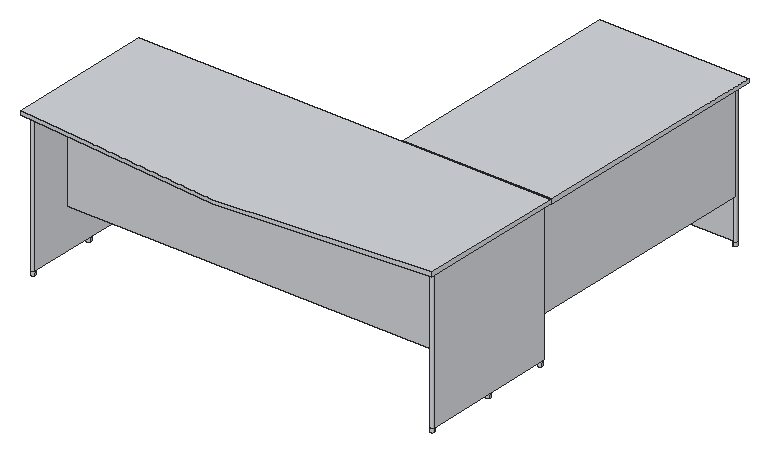
Revit family
Parameters (values of type "2000 x 2000")
  Model = ""
  Manufacturer = "Revit"
  Support Material = none
  Desk Material = none
  Description = "Desk"
  Assembly Code = "E2020200"
Reference planes
  plane 1 "Center (Front/Back)": y = 0
  plane 2: z = 0
  plane 3 "Center (Left/Right)": x = 0
  plane 4 "Top": z = 720
  plane 5: z = 700
  plane 6 "base": z = 20
  plane 7 "base1": z = 220
Forms (mm)
  Extrusion 1, solid, material <- "Desk Material"
    sketch origin (0, 0, 0) x (1, 0, 0) y (0, 1, 0)
      loop
        line (720, 1200) -> (0, 1200) -> (0, 5) -> (720, 5) -> (720, 1200)
      loop
        line (-1280, 0) -> (-1280, -720)
        arc (-1280, -720) -> (-280, -800) -> (720, -720) r 6290
        line (720, -720) -> (720, 0) -> (-1280, 0)
    from 700 to 720
  Extrusion 2, solid, material <- "Desk Material"
    sketch origin (0, 0, 20) x (0, -1, 0) y (1, 0, 0)
      loop
        line (15, -1260) -> (680, -1260)
        arc (680, -1260) -> (690, -1250) -> (680, -1240) r 10
        line (680, -1240) -> (15, -1240) -> (15, -1260)
      loop
        line (-1153.822, 21.11) -> (-1153.822, 686.11)
        arc (-1153.822, 686.11) -> (-1163.822, 696.11) -> (-1173.822, 686.11) r 10
        line (-1173.822, 686.11) -> (-1173.822, 21.11) -> (-1153.822, 21.11)
      loop
        line (15, 700) -> (15, 680) -> (680, 680)
        arc (680, 680) -> (690, 690) -> (680, 700) r 10
        line (680, 700) -> (15, 700)
    from 0 to 680
  Extrusion 3, solid, material <- "Desk Material"
    sketch origin (0, 0, 220) x (1, 0, 0) y (0, 1, 0)
      loop
        line (680, -15) -> (700, -15) -> (700, 1145) -> (680, 1145) -> (680, -15)
      loop
        line (-1240, -470) -> (-1240, -490) -> (680, -490) -> (680, -470) -> (-1240, -470)
    from 0 to 480
  Extrusion 4, solid, material <- "Support Material"
    sketch origin (0, 0, 220) x (1, 0, 0) y (0, 1, 0)
      loop
        circle (-1250, -26.581) r 10
      loop
        circle (-1250, -679.344) r 10
      loop
        circle (-1250, -341.581) r 10
      loop
        circle (690, -26.581) r 10
      loop
        circle (690, -679.344) r 10
      loop
        circle (690, -341.581) r 10
      loop
        circle (33.347, 1163.822) r 10
      loop
        circle (686.11, 1163.822) r 10
      loop
        circle (348.347, 1163.822) r 10
    from -220 to -200
Lines and regions (mm)
  symbolic lines
    curve 1: line (720, 1200, 0) -> (0, 1200, 0)
    curve 2: line (0, 1200, 0) -> (0, 0, 0)
    curve 3: line (0, 0, 0) -> (720, 0, 0)
    curve 4: line (720, 0, 0) -> (720, 1200, 0)
    curve 5: line (720, 0, 0) -> (-1280, 0, 0)
    curve 6: line (-1280, 0, 0) -> (-1280, -720, 0)
    curve 7: arc (-1280, -720, 0) -> (-280, -800, 0) -> (720, -720, 0) r 6290
    curve 8: line (720, -720, 0) -> (720, 0, 0)
Dimensions and locks
  locked: plane 4 "Top" to plane 5 at 20
  locked: Extrusion 2 sketch curve to Extrusion 2 sketch curve at 20  (x3)
  aligned and locked: Extrusion 1 to plane 4 "Top"
  aligned and locked: plane 5 to Extrusion 1
  aligned and locked: Extrusion 2 to Extrusion 1
  aligned and locked: Extrusion 3 to Extrusion 1
  aligned and locked: Extrusion 4 to plane 6 "base"
